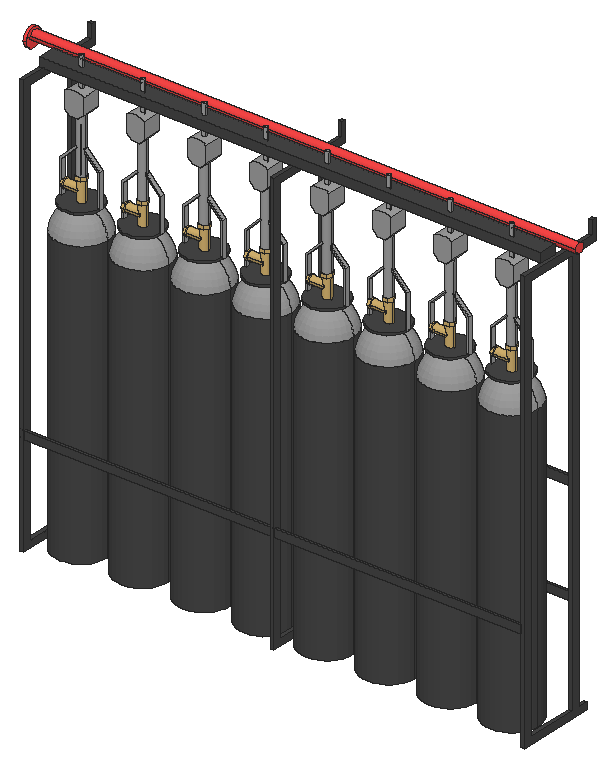
Revit family "Batería de cilindros con pesaje continuo de 80l en simple fila CO2_Aguilera Extincion", category Equipos especializados, Revit 2017
Family settings
  Anfitrión = Suelo
  Cota de conector redondo = Radio de uso
  Tipo de pieza = Normal
  Número OmniClass = 23.65.20.14.24
  Título OmniClass = Other Gas Storage Vessels
  Siempre vertical = Sí
  Corte con vacíos al cargar = No
  Compartido = No
  Punto de cálculo de habitación = No
Parameters (values of type "Batería 8 cilindros CO2 con pesaje continuo - 80 l")
  URL = "https://aguilera.es/?productos=baterias-con-botellas-en-una-fila-y-pesaje-continuo-co2"
  Símbolo texto = yes
  Símbolo = yes
  Rc2 = Radio colector * 2  # 50.8 mm
  Radio colector = Diámetro colector / 2  # 25.4 mm
  R = Diámetro / 2  # 133.5 mm
  Número soportes = 3
  Número de cilindros = 8
  Modelo = "AEX/SBP880"
  Lt1 = Lt * 0.9  # 2732.4 mm
  Lt = 3036 mm
  Lh = Lherraje / (Número soportes - 1)  # 1385 mm
  Lci = D2 + 40 mm  # 380 mm
  Lherraje = 2770 mm
  Lc = 340 mm  # constant formula
  Ht = Hc + Diámetro colector  # 2387.8 mm
  Hd = 1600 mm  # constant formula
  H2 = Hc / 2  # 1168.5 mm
  H1 = Hc / 4  # 584.25 mm
  Fabricante = "Aguilera Extinción"  # constant formula
  Diámetro colector = 50.8 mm
  Descripción = "Batería de alta presión formada por cilindros de 80L de capacidad cada uno. Fabricados en acero tratado térmicamente, sin soldadura (según instrucción MIE AP7 de aparatos a presión y Directiva Europea 84/525/CEE). Presión de trabajo 42 bar. Presión de prueba 250 bar, temperatura de servicio de -20ºC a +50ºC. Grabados y pintados en color rojo (RAL 3002). Equipados con válvula principal con apertura neumática a través del cabezal, válvulas antirretorno, latiguillos para el accionamiento neumático de disparo y latiguillos de descarga. Ensamblados en bastidor metálico especial para pesaje continuo, colector de descarga con brida de acoplamiento a la instalación y válvula de descompresión.\r\n\r\nEl peso de cada cilindro se controla individualmente por un equipo analógico patentado Mod. AEX/CPC. Unidad programable que detecta la perdida de peso desde 200 gramos formada básicamente por: célula electrónica, microprocesador y display digital que refleja el peso permanentemente. Se suministra con tensor, que permite elevar el cilindro fácilmente, conectores con latiguillos montados para su conexión y resto de complementos."  # constant formula
  Diámetro = 267 mm
  Hc = 2337 mm  # constant formula
  D2 = 340 mm  # constant formula
  Comentarios de tipo = "Observaciones:\r\n\r\nA. Hasta 9 cilindros, el disparo neumático de la batería se realiza convirtiendo a uno de los cilindros en cilindro piloto, para lo cual, se dota a su válvula con solenoide de disparo automático y palanca para el disparo manual.\r\nB. A partir de 10 cilindros, las baterías van equipadas con un botellín piloto de disparo que está formado por: un cilindro de 5L cargado con CO2, provisto con sistema de pesaje continuo, válvula principal de 1”, solenoide a 24V para el disparo automático y palanca para el disparo manual.\r\nC. El importe de los sistemas de disparo, descritos en el punto A y B, han sido incluidos en los precios de las baterías."  # constant formula
  Cilindro = Cilindro autonomo CO2 con pesaje continuo_Aguilera Extincion : Cilindro autónomo CO2 con pesaje continuo - 80 l
Types (14, lengths in mm): name | Rc2 | Radio colector | Número soportes | Número de cilindros | Modelo | Lt1 | Lt | Lh | Lherraje | Ht | Diámetro colector | Cilindro
  (no name) | 50.8 | 25.4 | 3 | 8 | "AEX/SBP880" | 2732.4 | 3036 | 1385 | 2770 | 2387.8 | 50.8 | Cilindro autonomo CO2 con pesaje continuo_Aguilera Extincion : Cilindro autónomo CO2 con pesaje continuo - 80 l
  Batería 2 cilindros CO2 con pesaje continuo - 80 l | 25.4 | 12.7 | 2 | 2 | "AEX/SBP280" | 896.4 | 996 | 730 | 730 | 2362.4 | 25.4 | Cilindro autonomo CO2 con pesaje continuo_Aguilera Extincion : Cilindro autónomo CO2 con pesaje continuo - 80 l
  Batería 3 cilindros CO2 con pesaje continuo - 80 l | 31.8 | 15.9 | 2 | 3 | "AEX/SBP380" | 1202.4 | 1336 | 1070 | 1070 | 2368.8 | 31.8 | Cilindro autonomo CO2 con pesaje continuo_Aguilera Extincion : Cilindro autónomo CO2 con pesaje continuo - 80 l
  Batería 4 cilindros CO2 con pesaje continuo - 80 l | 31.8 | 15.9 | 2 | 4 | "AEX/SBP480" | 1508.4 | 1676 | 1410 | 1410 | 2368.8 | 31.8 | Cilindro autonomo CO2 con pesaje continuo_Aguilera Extincion : Cilindro autónomo CO2 con pesaje continuo - 80 l
  Batería 5 cilindros CO2 con pesaje continuo - 80 l | 31.8 | 15.9 | 2 | 5 | "AEX/SBP580" | 1814.4 | 2016 | 1750 | 1750 | 2368.8 | 31.8 | Cilindro autonomo CO2 con pesaje continuo_Aguilera Extincion : Cilindro autónomo CO2 con pesaje continuo - 80 l
  Batería 6 cilindros CO2 con pesaje continuo - 80 l | 38.1 | 19.05 | 3 | 6 | "AEX/SBP680" | 2120.4 | 2356 | 1045 | 2090 | 2375.1 | 38.1 | Cilindro autonomo CO2 con pesaje continuo_Aguilera Extincion : Cilindro autónomo CO2 con pesaje continuo - 80 l
  Batería 7 cilindros CO2 con pesaje continuo - 80 l | 50.8 | 25.4 | 2 | 7 | "AEX/SBP780" | 2426.4 | 2696 | 2430 | 2430 | 2387.8 | 50.8 | Cilindro autonomo CO2 con pesaje continuo_Aguilera Extincion : Cilindro autónomo CO2 con pesaje continuo - 80 l
  Batería 8 cilindros CO2 con pesaje continuo - 80 l | 50.8 | 25.4 | 3 | 8 | "AEX/SBP880" | 2732.4 | 3036 | 1385 | 2770 | 2387.8 | 50.8 | Cilindro autonomo CO2 con pesaje continuo_Aguilera Extincion : Cilindro autónomo CO2 con pesaje continuo - 80 l
  Batería 9 cilindros CO2 con pesaje continuo - 80 l | 50.8 | 25.4 | 4 | 9 | "AEX/SBP980" | 3041.1 | 3379 | 1033.333 | 3100 | 2387.8 | 50.8 | Cilindro autonomo CO2_Aguilera Extincion : Cilindro autónomo CO2 - 67 l
  Batería 10 cilindros CO2 con pesaje continuo - 80 l | 50.8 | 25.4 | 3 | 10 | "AEX/SBP1080" | 3347.1 | 3719 | 1725 | 3450 | 2387.8 | 50.8 | Cilindro autonomo CO2 con pesaje continuo_Aguilera Extincion : Cilindro autónomo CO2 con pesaje continuo - 80 l
  Batería 11 cilindros CO2 con pesaje continuo - 80 l | 50.8 | 25.4 | 4 | 11 | "AEX/SBP1180" | 3653.1 | 4059 | 1263.333 | 3790 | 2387.8 | 50.8 | Cilindro autonomo CO2 con pesaje continuo_Aguilera Extincion : Cilindro autónomo CO2 con pesaje continuo - 80 l
  Batería 12 cilindros CO2 con pesaje continuo - 80 l | 63.5 | 31.75 | 5 | 12 | "AEX/SBP1280" | 3959.1 | 4399 | 1032.5 | 4130 | 2400.5 | 63.5 | Cilindro autonomo CO2 con pesaje continuo_Aguilera Extincion : Cilindro autónomo CO2 con pesaje continuo - 80 l
  Batería 13 cilindros CO2 con pesaje continuo - 80 l | 63.5 | 31.75 | 5 | 13 | "AEX/SBP1380" | 4265.1 | 4739 | 1117.5 | 4470 | 2400.5 | 63.5 | Cilindro autonomo CO2 con pesaje continuo_Aguilera Extincion : Cilindro autónomo CO2 con pesaje continuo - 80 l
  Batería 14 cilindros CO2 con pesaje continuo - 80 l | 63.5 | 31.75 | 3 | 14 | "AEX/SBP1480" | 4663.8 | 5182 | 2405 | 4810 | 2400.5 | 63.5 | Cilindro autonomo CO2 con pesaje continuo_Aguilera Extincion : Cilindro autónomo CO2 con pesaje continuo - 80 l
Reference planes
  plane 1 "Centro (Frontal/Posterior)": y = 0
  plane 2: z = 0
  plane 3 "Centro (Izquierda/Derecha)": x = 0
  plane 4: y = 133.5
  plane 5: z = 584.25
  plane 6: z = 1168.5
  plane 7: z = 1395
  plane 8: z = 1533.58
  plane 9: z = 1600
  plane 10: z = 2337
  plane 11: z = 2387.8
  plane 12: x = -600
  plane 13: x = 2436
  plane 14: y = 153.5
  plane 15: x = -410
  plane 16: y = 124
  plane 17: z = 2367.8
Forms (mm)
  Extrusion 1, solid, material "Acero rojo"
    sketch origin (0, 0, 0) x (0, 1, 0) y (0, 0, 1)
      loop
        circle (124, 2362.4) r 25.4
    from -600 to 2436
  Extrusion 2, solid, material "Acero rojo"
    sketch origin (0, 0, 0) x (0, 1, 0) y (0, 0, 1)
      loop
        circle (124, 2346.1) r 50.8
    from -600 to -582.73
  Extrusion 3, solid, material "Acero negro", detail levels medium+fine
    sketch origin (-410, -6000, 2490.948) x (0, 0, 1) y (0, -1, 0)
      loop
        line (-1362.382, -6174.484) -> (-1362.382, -6186) -> (-1309.787, -6186) -> (-1309.787, -6174.484) -> (-1362.382, -6174.484)
      loop
        line (-1927.675, -6172.815) -> (-1927.675, -6186) -> (-1885.81, -6186) -> (-1885.81, -6172.815) -> (-1927.675, -6172.815)
      loop
        line (-1930.779, -5814) -> (-1930.779, -5824) -> (-1885.779, -5824) -> (-1885.779, -5814) -> (-1930.779, -5814)
    from 0 to 2770 <- "Lherraje"
  Extrusion 4, solid, material "Acero negro", detail levels medium+fine
    sketch origin (-410, -6000, 2490.948) x (0, 0, 1) y (0, -1, 0)
      loop
        line (-153.948, -5950.468) -> (-153.948, -6049.532) -> (-103.148, -6049.532) -> (-103.148, -5950.468) -> (-153.948, -5950.468)
    from 0 to 2770 <- "Lherraje"
Dimensions and locks
  "H1": plane 5 to plane 2
  "H2": plane 6 to plane 2
  "Hd": plane 9 to plane 2
  "Hc": plane 10 to plane 2
  locked: plane 9 to plane 8 at 66.42
  locked: plane 9 to plane 7 at 205
  "R": plane 1 "Centro (Frontal/Posterior)" to plane 4
  "Lt": plane 13 to plane 12
  "Ht": plane 11 to plane 2
  locked: plane 11 to plane 17 at 20
  "Ht": Extrusion 1 sketch curve to plane 2
  equal spacing: group 1, group 2, group 5, group 6, group 7, group 8, group 9, group 10  (x3)
  "D2": nested 1 to nested 2
  "Lci": nested 1 to plane 12
  equal spacing: group 3, group 4, group 11  (x3)
  "Lh": nested 4 to nested 5
  locked: nested 4 to plane 16 at 180
  Extrusion 4 sketch curve to Extrusion 4 sketch curve = 99.064 mm
  locked: Extrusion 4 sketch curve to Extrusion 4 sketch curve at 99.064
  "Radio colector": radius of Extrusion 1 sketch curve
  "Rc2": radius of Extrusion 2 sketch curve
  aligned and locked: level to plane 2
  aligned and locked: Extrusion 1 to plane 12
  aligned and locked: plane 13 to Extrusion 1
  aligned and locked: Extrusion 2 to plane 12
  aligned and locked: plane 15 to Extrusion 3
  aligned and locked: Extrusion 4 sketch curve to plane 10
  aligned and locked: plane 11 to Extrusion 4 sketch curve
Automatic sketch dimensions
  Extrusion 3 sketch curve to plane 5 = 24.081 mm
  Extrusion 3 sketch curve to plane 5 = 20.977 mm
  plane 5 to Extrusion 3 sketch curve = 20.888 mm
  plane 5 to Extrusion 3 sketch curve = 20.919 mm
  Extrusion 3 sketch curve to plane 6 = 39.934 mm
  plane 6 to Extrusion 3 sketch curve = 12.661 mm
  plane 14 to Extrusion 3 sketch curve = 32.5 mm  (x2)
  Extrusion 3 sketch curve to Extrusion 3 sketch curve = 11.516 mm
  Extrusion 3 sketch curve to Extrusion 3 sketch curve = 13.185 mm
  plane 1 "Centro (Frontal/Posterior)" to Extrusion 3 sketch curve = 176 mm
  Extrusion 3 sketch curve to Extrusion 3 sketch curve = 10 mm
  Extrusion 1 sketch curve to plane 16 = 0 mm
  Extrusion 2 sketch curve to plane 16 = 0 mm
  plane 10 to Extrusion 2 sketch curve = 9.1 mm
Nested families
  nested 1: "Cilindro autonomo CO2 con pesaje continuo_Aguilera Extincion" at (-220, 0, 0), type <- "Cilindro", type "Cilindro autónomo CO2 con pesaje continuo - 80 l"
    with Soporte individual no
  nested 2: "Cilindro autonomo CO2 con pesaje continuo_Aguilera Extincion" at (120, 0, 0), type <- "Cilindro", type "Cilindro autónomo CO2 con pesaje continuo - 80 l"
    with Soporte individual no
  nested 3: "S_Cilindros_Aguilera Extinción" at (0, 0, 0), visible <- "Símbolo", type "S_Cilindros_Aguilera Extinción", detail levels coarse
  nested 4: "Soporte suelo - pesaje" at (-410, 0, 0), type "Soporte suelo - pesaje", detail levels medium+fine
    with L1 490 mm, Ht 2337 mm, D 292 mm
  nested 5: "Soporte suelo - pesaje" at (975, 0, 0), type "Soporte suelo - pesaje", detail levels medium+fine
    with L1 490 mm, Ht 2337 mm, D 292 mm
  nested 6: "Cilindro autonomo CO2 con pesaje continuo_Aguilera Extincion" at (460, 0, 0), type <- "Cilindro", type "Cilindro autónomo CO2 con pesaje continuo - 80 l"
    with Soporte individual no
  nested 7: "Cilindro autonomo CO2 con pesaje continuo_Aguilera Extincion" at (800, 0, 0), type <- "Cilindro", type "Cilindro autónomo CO2 con pesaje continuo - 80 l"
    with Soporte individual no
  nested 8: "Cilindro autonomo CO2 con pesaje continuo_Aguilera Extincion" at (1140, 0, 0), type <- "Cilindro", type "Cilindro autónomo CO2 con pesaje continuo - 80 l"
    with Soporte individual no
  nested 9: "Cilindro autonomo CO2 con pesaje continuo_Aguilera Extincion" at (1480, 0, 0), type <- "Cilindro", type "Cilindro autónomo CO2 con pesaje continuo - 80 l"
    with Soporte individual no
  nested 10: "Cilindro autonomo CO2 con pesaje continuo_Aguilera Extincion" at (1820, 0, 0), type <- "Cilindro", type "Cilindro autónomo CO2 con pesaje continuo - 80 l"
    with Soporte individual no
  nested 11: "Cilindro autonomo CO2 con pesaje continuo_Aguilera Extincion" at (2160, 0, 0), type <- "Cilindro", type "Cilindro autónomo CO2 con pesaje continuo - 80 l"
    with Soporte individual no
  nested 12: "Soporte suelo - pesaje" at (2360, 0, 0), type "Soporte suelo - pesaje", detail levels medium+fine
    with L1 490 mm, Ht 2337 mm, D 292 mm
Connectors
  piping at (-600, 124, 2362.4), diameter 50.8, driven by "Radio colector"
    settings: on Extrusion 1, index 1, connector inside diameter 609.6 mm, connector length 0 mm, flow factor 0, pipe flow 0.0 L/s, pressure drop 0.0 Pa, fitting loss kfactor 0, connector angle 0.00°, fixture units 0, engagement length 0 mm, angle of deflection 0.00°, flow configuration 0, flow direction 0, fitting loss method 0, system type 28, joint type 0, gender type 0, connector reference index -1, connector utility 0, adjustable connector no, is connector primary yes, connector description ""
Definition of nested family "Cilindro autonomo CO2 con pesaje continuo_Aguilera Extincion"
  Parameters (values of type "Cilindro autónomo CO2 con pesaje continuo - 80 l")
    URL = "https://aguilera.es/?productos=botellas-autonomas-de-4-7-a-80-l-con-pesaje-continuo-para-co2"
    Símbolo texto = yes
    Símbolo = yes
    R3 = R2 * 0.2  # 21.9 mm
    R2 = R * 0.75  # 109.5 mm
    R = Diámetro / 2  # 146 mm
    Model = "AEX/SBP180"
    L2 = 440 mm
    L1 = Diámetro * 1.75  # 511 mm
    Ht = 2337 mm
    Soporte individual = yes
    Hd = 1777 mm
    Hc2 = Hb / 2  # 913.5 mm
    Hc1 = Hb / 4  # 456.75 mm
    Ht1 = Ht - 40 mm  # 2297 mm
    Manufacturer = "Aguilera Extinción"  # constant formula
    Description = "Cilindro de alta presión, fabricado en acero aleado tratado térmicamente sin soldadura, (según instrucción MIE AP7 de aparatos a presión y Directiva Europea 84/525/CEE). Presión de trabajo 60 bar, presión de prueba 250 bar, temperatura de servicio de -20ºC a +50ºC. Grabados y pintados según normativa."  # constant formula
    Diámetro = 292 mm
    Hb = 1827 mm
    D2 = Diámetro + 70 mm  # 362 mm
    Type Comments = "Equipados con:\r\n\r\nVálvula principal AE-100 de 1” fabricada en latón forjado con pistón y eje de acero inoxidable. Provista con disco de seguridad y válvula de alivio para evitar el disparo en caso de pequeñas fugas.\r\nTubo sifón.\r\nSolenoide de disparo (alimentación 24V y 500mA de consumo)\r\nBrida.\r\nCaperuzo protector.\r\nEquipo microprocesado de pesaje continuo, donde el peso de cada cilindro se controla individualmente por un equipo analógico Mod. AEX/CPC. Unidad programable que detecta la perdida de peso desde 200 gramos formada básicamente por célula electrónica, microprocesador y display digital que refleja el peso permanentemente. Se suministra con tensor, que permite elevar la botella fácilmente, conectores con latiguillos montados para su conexión y resto de complementos.\r\nEnsamblados en bastidor metálico especial para pesaje continuo y colector de descarga con rosca de acoplamiento a la instalación.\r\nObservaciones:\r\n\r\nCada cilindro dispone de los correspondientes certificados emitidos por la Consejería de Industria y se encuentra a disposición de los clientes en nuestros archivos."  # constant formula
  Types (5, lengths in mm): name | R3 | R2 | R | Model | L2 | L1 | Ht | Soporte individual | Hd | Hc2 | Hc1 | Ht1 | Diámetro | Hb | D2
    Cilindro autónomo CO2 con pesaje continuo - 6.7 l | 9.75 | 48.75 | 65 | "AEX/SBP16" | 410 | 227.5 | 1117 | no | 700 | 375 | 187.5 | 1077 | 130 | 750 | 200
    Cilindro autónomo CO2 con pesaje continuo - 13.4 l | 14.85 | 74.25 | 99 | "AEX/SBP113" | 410 | 346.5 | 1637 | no | 1100 | 575 | 287.5 | 1597 | 198 | 1150 | 268
    Cilindro autónomo CO2 con pesaje continuo - 26.8 l | 19.125 | 95.625 | 127.5 | "AEX/SBP126" | 410 | 446.25 | 1407 | no | 1000 | 525 | 262.5 | 1367 | 255 | 1050 | 325
    Cilindro autónomo CO2 con pesaje continuo - 67 l | 21.9 | 109.5 | 146 | "AEX/SBP167" | 440 | 511 | 2057 | no | 1600 | 825 | 412.5 | 2017 | 292 | 1650 | 362
    Cilindro autónomo CO2 con pesaje continuo - 80 l | 21.9 | 109.5 | 146 | "AEX/SBP180" | 440 | 511 | 2337 | yes | 1777 | 913.5 | 456.75 | 2297 | 292 | 1827 | 362
  Reference planes
    plane 1 "Centro (Frontal/Posterior)": y = 0
    plane 2: z = 0
    plane 3 "Centro (Izquierda/Derecha)": x = 0
    plane 4: z = 456.75
    plane 5: z = 913.5
    plane 6: z = 1572
    plane 7: z = 1710.58
    plane 8: z = 1777
    plane 9: z = 1827
    plane 10: x = -146
    plane 11: x = 146
    plane 12: z = 2337
    plane 13: x = -220
    plane 14: x = 220
    plane 15: z = 2297
    plane 16: y = -166
    plane 17: y = -181
    plane 18: z = 933.5
    plane 19: z = 893.5
    plane 20: z = 476.75
    plane 21: z = 436.75
    plane 22: y = -141
    plane 23: x = 200
    plane 24: x = -200
    plane 25: y = 166
    plane 26: y = 181
  Forms (mm)
    Extrusion 1, solid
      sketch origin (0, 0, 0) x (1, 0, 0) y (0, 1, 0)
        loop
          circle (0, 0) r 146
      from 0 to 1572
    Extrusion 2, solid
      sketch origin (-745.59, -6000, 1710.58) x (-1, 0, 0) y (0, -1, 0)
        loop
          circle (-745.59, -6000) r 21.9
      from 0 to 116.42
    Extrusion 3, solid, detail levels fine
      sketch origin (-8.75, 0, 0) x (0, 1, 0) y (0, 0, 1)
        loop
          line (13.01, 1799.534) -> (-13.01, 1799.534) -> (-26.02, 1777) -> (-13.01, 1754.466) -> (13.01, 1754.466) -> (26.02, 1777) -> (13.01, 1799.534)
      from -76.574 to -90.75
    Extrusion 4, solid, detail levels fine
      sketch origin (-99.5, 0, 0) x (0, -1, 0) y (0, 0, 1)
        loop
          circle (0, 1777) r 21.9
      from -99.5 to -14.176
    Revolve 5, solid
      sketch origin (0, 0, 0) x (1, 0, 0) y (0, 0, 1)
        loop
          line (-146, 1572) -> (0, 1572) -> (0, 1710.58) -> (-40, 1710.58)
          arc (-40, 1710.58) -> (-112.105, 1655.903) -> (-146, 1572) r 170.221
        axis (0, 1710.58) -> (0, 1572)
      angle from 0 to 360
    Extrusion 6, solid, detail levels fine
      sketch origin (-745.59, -6000, 1827) x (-1, 0, 0) y (0, -1, 0)
        loop
          line (-731.103, -6024.486) -> (-717.13, -5999.716) -> (-731.594, -5975.23) -> (-760.032, -5975.514) -> (-773.633, -5999.624) -> (-759.279, -6024.486) -> (-731.103, -6024.486)
      from 0 to 20
    Extrusion 7, solid, detail levels fine
      sketch origin (-745.59, -6000, 1710.58) x (-1, 0, 0) y (0, -1, 0)
        loop
          circle (-745.59, -5998.341) r 109.5
      from 0 to 10
    Extrusion 8, solid, visible <- "Soporte individual", detail levels medium+fine
      sketch origin (-220, -6000, 1804.934) x (0, 0, 1) y (0, -1, 0)
        loop
          line (492.066, -5964) -> (492.066, -6036) -> (532.066, -6036) -> (532.066, -5964) -> (492.066, -5964)
      from 0 to 440
    Extrusion 9, solid, visible <- "Soporte individual", detail levels medium+fine
      sketch origin (-220, 6000, 1804.934) x (0, 0, 1) y (0, -1, 0)
        loop
          line (-911.434, 6166) -> (-871.434, 6166) -> (-871.434, 6181) -> (-911.434, 6181) -> (-911.434, 6166)
      from 20 to 420
    Extrusion 10, solid, visible <- "Soporte individual", detail levels medium+fine
      sketch origin (-220, 6000, 1348.184) x (0, 0, 1) y (0, -1, 0)
        loop
          line (-911.434, 6166) -> (-871.434, 6166) -> (-871.434, 6181) -> (-911.434, 6181) -> (-911.434, 6166)
      from 20 to 420
    Extrusion 11, solid, visible <- "Soporte individual", detail levels medium+fine
      sketch origin (-220, 6185, 1804.934) x (0, 0, 1) y (0, -1, 0)
        loop
          line (-911.434, 6004) -> (-871.434, 6004) -> (-871.434, 6019) -> (-911.434, 6019) -> (-911.434, 6004)
      from 20 to 420
    Extrusion 12, solid, visible <- "Soporte individual", detail levels medium+fine
      sketch origin (-220, 6185, 1348.184) x (0, 0, 1) y (0, -1, 0)
        loop
          line (-911.434, 6004) -> (-871.434, 6004) -> (-871.434, 6019) -> (-911.434, 6019) -> (-911.434, 6004)
      from 20 to 420
    Extrusion 13, solid, detail levels fine
      sketch origin (0, 0, 0) x (1, 0, 0) y (0, 0, 1)
        loop
          line (-109.5, 1710.58) -> (-99.5, 1710.58) -> (-99.5, 1896.44) -> (0, 1995.94) -> (99.5, 1896.44) -> (99.5, 1710.58) -> (109.5, 1710.58) -> (109.5, 1900.598) -> (0, 2010.089) -> (-109.5, 1900.58) -> (-109.5, 1710.58)
      from -10 to 10
    Revolve 14, solid, detail levels fine
      sketch origin (0, 0, 0) x (1, 0, 0) y (0, 0, 1)
        loop
          line (-0.458, 1847) -> (-0.458, 2151.932) -> (-22.358, 2151.932) -> (-22.358, 1847) -> (-0.458, 1847)
        axis (0, 1847) -> (0, 2151.932)
      angle from 0 to 360
    Extrusion 15, solid, detail levels fine
      sketch origin (0, 0, 0) x (1, 0, 0) y (0, 0, 1)
        loop
          line (-22.358, 2151.932) -> (22.358, 2151.932) -> (50.643, 2180.216) -> (50.643, 2270.216)
          arc (50.643, 2270.216) -> (0, 2284.288) -> (-50.643, 2270.216) r 98.162
          line (-50.643, 2270.216) -> (-50.643, 2180.216) -> (-22.358, 2151.932)
      from -50 to 50
    Revolve 16, solid, detail levels fine
      sketch origin (0, 0, 0) x (1, 0, 0) y (0, 0, 1)
        loop
          line (0, 2212.562) -> (0, 2443) -> (-10, 2443) -> (-10, 2212.562) -> (0, 2212.562)
        axis (0, 2212.562) -> (0, 2443)
      angle from 0 to 360
  Lines and regions (mm)
    symbolic lines
      curve 1: line (0, 240, 0) -> (0, 247, 0)
      curve 2: line (-25, 287, 0) -> (25, 287, 0)
      curve 3: circle (0, 287, 0) r 15 normal (0, 0, 1)
  Dimensions and locks
    "Hc1": plane 4 to plane 2
    "Hc2": plane 5 to plane 2
    "Hd": plane 8 to plane 2
    "Hb": plane 9 to plane 2
    equal spacing: plane 10, plane 3 "Centro (Izquierda/Derecha)", plane 11
    "Diámetro": plane 10 to plane 11
    locked: plane 8 to plane 7 at 66.42
    locked: plane 8 to plane 6 at 205
    "Ht": plane 12 to plane 2
    equal spacing: plane 14, plane 3 "Centro (Izquierda/Derecha)", plane 13
    "L2": plane 14 to plane 13
    locked: plane 12 to plane 15 at 40
    locked: plane 17 to plane 16 at 15
    equal spacing: Extrusion 8 sketch curve, plane 1 "Centro (Frontal/Posterior)", Extrusion 8 sketch curve
    equal spacing: plane 18, plane 5, plane 19
    equal spacing: plane 20, plane 4, plane 21
    locked: plane 18 to plane 19 at 40
    locked: plane 20 to plane 21 at 40
    locked: plane 17 to plane 22 at 40
    locked: plane 23 to plane 14 at 20
    locked: plane 13 to plane 24 at 20
    locked: plane 26 to plane 25 at 15
    "D2": plane 26 to plane 17
    equal spacing: plane 26, plane 1 "Centro (Frontal/Posterior)", plane 17
    Extrusion 8 sketch curve to Extrusion 8 sketch curve = 72 mm
    locked: Extrusion 13 sketch curve to Extrusion 13 sketch curve at 10  (x2)
    "R2": Extrusion 13 sketch curve to plane 3 "Centro (Izquierda/Derecha)"
    "R3": Revolve 14 sketch curve to Revolve 14 sketch curve
    locked: Revolve 16 sketch curve to Extrusion 8 at 106
    "Diámetro": diameter of Extrusion 1 sketch curve
    "R2": radius of Extrusion 7 sketch curve
    "R3": radius of Extrusion 2 sketch curve
    "R3": radius of Extrusion 4 sketch curve
    aligned and locked: level to plane 2
    aligned and locked: plane 6 to Extrusion 1
    aligned and locked: plane 9 to Extrusion 2
    aligned and locked: Extrusion 2 to plane 7
    aligned and locked: plane 3 "Centro (Izquierda/Derecha)" to Extrusion 4
    aligned and locked: Revolve 5 sketch curve to plane 3 "Centro (Izquierda/Derecha)"  (x2)
    aligned and locked: Revolve 5 sketch curve to plane 6
    aligned and locked: plane 7 to Revolve 5 sketch curve
    aligned and locked: Extrusion 8 sketch curve to plane 15
    aligned and locked: plane 12 to Extrusion 8 sketch curve
    aligned and locked: plane 14 to Extrusion 8
    aligned and locked: plane 18 to Extrusion 9
    aligned and locked: plane 19 to Extrusion 9
    aligned and locked: plane 23 to nested 3
    aligned and locked: nested 3 to Extrusion 9
    aligned and locked: Extrusion 9 to Extrusion 10
    aligned and locked: plane 13 to nested 2
    aligned and locked: plane 23 to Extrusion 9
    aligned and locked: Extrusion 9 to nested 2
    aligned and locked: Extrusion 10 to Extrusion 9
    aligned and locked: Extrusion 10 to nested 2
    aligned and locked: Extrusion 11 to Extrusion 12
    aligned and locked: Extrusion 12 to Extrusion 11
    aligned and locked: Extrusion 11 to nested 2
    aligned and locked: Extrusion 11 to plane 25
    aligned and locked: plane 26 to Extrusion 11
    aligned and locked: Extrusion 9 to Extrusion 11
    aligned and locked: Extrusion 12 to nested 2
    aligned and locked: Extrusion 12 to plane 25
    aligned and locked: plane 26 to Extrusion 12
    aligned and locked: nested 3 to Extrusion 12
    aligned and locked: Extrusion 13 sketch curve to Extrusion 7
    aligned and locked: Extrusion 13 sketch curve to plane 7
    aligned and locked: plane 7 to Extrusion 13 sketch curve
    aligned and locked: Extrusion 6 to Revolve 14 sketch curve
    aligned and locked: plane 3 "Centro (Izquierda/Derecha)" to Revolve 14 sketch curve
    aligned and locked: Extrusion 3 to Extrusion 13
    aligned and locked: Extrusion 3 to Extrusion 4
    aligned and locked: Extrusion 15 sketch curve to Revolve 14
    aligned and locked: Revolve 16 sketch curve to plane 3 "Centro (Izquierda/Derecha)"
    aligned and locked: plane 3 "Centro (Izquierda/Derecha)" to Revolve 16 sketch curve
  Automatic sketch dimensions
    Extrusion 3 sketch curve to plane 8 = 0 mm  (x2)
    plane 1 "Centro (Frontal/Posterior)" to Extrusion 3 sketch curve = 26.02 mm
    plane 1 "Centro (Frontal/Posterior)" to Extrusion 3 sketch curve = 13.01 mm  (x2)
    Extrusion 3 sketch curve to plane 1 "Centro (Frontal/Posterior)" = 13.01 mm  (x2)
    Extrusion 3 sketch curve to Extrusion 3 sketch curve = 13.01 mm
    Extrusion 3 sketch curve to plane 8 = 22.534 mm
    plane 8 to Extrusion 3 sketch curve = 22.534 mm
    Extrusion 10 sketch curve to plane 17 = 0 mm
    plane 21 to Extrusion 10 sketch curve = 0 mm
    Extrusion 10 sketch curve to plane 16 = 0 mm
    Extrusion 10 sketch curve to plane 20 = 0 mm
    curve 1 to plane 3 "Centro (Izquierda/Derecha)" = 0 mm
    curve 3 to plane 3 "Centro (Izquierda/Derecha)" = 0 mm
    plane 26 to curve 3 = 106 mm
    curve 2 to plane 3 "Centro (Izquierda/Derecha)" = 25 mm
    plane 3 "Centro (Izquierda/Derecha)" to curve 2 = 25 mm
    curve 3 to curve 2 = 0 mm
    curve 1 to curve 3 = 40 mm
    curve 1 to curve 1 = 7 mm
    plane 1 "Centro (Frontal/Posterior)" to Extrusion 6 sketch curve = 0.376 mm
    plane 3 "Centro (Izquierda/Derecha)" to Extrusion 6 sketch curve = 28.043 mm
    plane 3 "Centro (Izquierda/Derecha)" to Extrusion 6 sketch curve = 14.443 mm
    plane 3 "Centro (Izquierda/Derecha)" to Extrusion 6 sketch curve = 13.689 mm
    Extrusion 6 sketch curve to plane 3 "Centro (Izquierda/Derecha)" = 13.995 mm
    Extrusion 6 sketch curve to plane 3 "Centro (Izquierda/Derecha)" = 14.487 mm
    plane 1 "Centro (Frontal/Posterior)" to Extrusion 6 sketch curve = 0.284 mm
    Extrusion 6 sketch curve to Extrusion 6 sketch curve = 13.973 mm
    Extrusion 6 sketch curve to plane 1 "Centro (Frontal/Posterior)" = 24.486 mm
    plane 1 "Centro (Frontal/Posterior)" to Extrusion 6 sketch curve = 24.486 mm
    plane 1 "Centro (Frontal/Posterior)" to Extrusion 6 sketch curve = 24.77 mm
    Extrusion 9 sketch curve to plane 17 = 0 mm
    plane 19 to Extrusion 9 sketch curve = 0 mm
    Extrusion 9 sketch curve to plane 16 = 0 mm
    Extrusion 9 sketch curve to plane 18 = 0 mm
    plane 19 to Extrusion 11 sketch curve = 0 mm
    Extrusion 11 sketch curve to plane 18 = 0 mm
    Extrusion 11 sketch curve to plane 26 = 0 mm
    Extrusion 11 sketch curve to plane 25 = 0 mm
    plane 21 to Extrusion 12 sketch curve = 0 mm
    Extrusion 12 sketch curve to plane 20 = 0 mm
    Extrusion 12 sketch curve to plane 26 = 0 mm
    Extrusion 12 sketch curve to plane 25 = 0 mm
    Extrusion 15 sketch curve to plane 3 "Centro (Izquierda/Derecha)" = 0 mm
    Extrusion 15 sketch curve to plane 3 "Centro (Izquierda/Derecha)" = 22.358 mm
    Extrusion 15 sketch curve to Extrusion 15 sketch curve = 28.284 mm  (x4)
    plane 3 "Centro (Izquierda/Derecha)" to Extrusion 15 sketch curve = 22.358 mm
    Extrusion 15 sketch curve to Extrusion 15 sketch curve = 34.194 mm
    Extrusion 15 sketch curve to Extrusion 15 sketch curve = 90 mm
    Revolve 16 sketch curve to plane 3 "Centro (Izquierda/Derecha)" = 10 mm
    Revolve 16 sketch curve to plane 15 = 84.438 mm
    Revolve 16 sketch curve to Revolve 16 sketch curve = 78.622 mm
    Revolve 16 sketch curve to Revolve 16 sketch curve = 230.94 mm
    plane 1 "Centro (Frontal/Posterior)" to Extrusion 1 sketch curve = 0 mm
    Extrusion 1 sketch curve to plane 3 "Centro (Izquierda/Derecha)" = 0 mm
    plane 1 "Centro (Frontal/Posterior)" to Extrusion 2 sketch curve = 0 mm
    Extrusion 2 sketch curve to plane 3 "Centro (Izquierda/Derecha)" = 0 mm
    Extrusion 4 sketch curve to Extrusion 3 = 22.534 mm  (x2)
    plane 10 to Revolve 5 sketch curve = 0 mm
    Revolve 5 sketch curve to plane 3 "Centro (Izquierda/Derecha)" = 40 mm
    Revolve 5 sketch curve to plane 6 = 19.514 mm
    Revolve 5 sketch curve to Revolve 5 sketch curve = 1.762 mm
    plane 9 to Revolve 5 sketch curve = 47 mm
    Extrusion 7 sketch curve to plane 3 "Centro (Izquierda/Derecha)" = 0 mm
    plane 1 "Centro (Frontal/Posterior)" to Extrusion 7 sketch curve = 1.659 mm
    Extrusion 13 sketch curve to plane 3 "Centro (Izquierda/Derecha)" = 0 mm  (x2)
    plane 9 to Extrusion 13 sketch curve = 69.44 mm  (x2)
    Extrusion 13 sketch curve to Extrusion 13 sketch curve = 4.139 mm
    Extrusion 13 sketch curve to Extrusion 13 sketch curve = 4.157 mm
    Revolve 14 sketch curve to plane 3 "Centro (Izquierda/Derecha)" = 0.458 mm
    Revolve 14 sketch curve to plane 15 = 145.068 mm
    plane 9 to Revolve 14 sketch curve = 10 mm
    Revolve 14 sketch curve to plane 15 = 52 mm
    radius of curve 3 = 15 mm
  Nested families
    nested 1: "S_Cilindro_Aguilera Extinción" at (0, 0, 0), visible <- "Símbolo", type "S_Cilindro_Aguilera Extinción", detail levels coarse
    nested 2: "Soporte suelo - pesaje" at (-220, 0, 0), visible <- "Soporte individual", type "Soporte suelo - pesaje", detail levels medium+fine
      with L1 511 mm, Ht 2297 mm, D 292 mm
    nested 3: "Soporte suelo - pesaje" at (200, 0, 0), visible <- "Soporte individual", type "Soporte suelo - pesaje", detail levels medium+fine
      with L1 511 mm, Ht 2297 mm, D 292 mm
  Definition of nested family "Soporte suelo - pesaje"
    Parameters (values of type "Soporte suelo - pesaje")
      L1 = 227.5 mm
      Ht = 1117 mm
      D = 130 mm
    Reference planes
      plane 1 "Centro (Frontal/Posterior)": y = 0
      plane 2: z = 0
      plane 3 "Centro (Izquierda/Derecha)": x = 0
      plane 4: z = 1117
      plane 5: y = -65
      plane 6: y = -105
      plane 7: z = 1077
      plane 8: z = 40
      plane 9: y = 105
      plane 10: y = 65
      plane 11: y = 122.5
      plane 12: y = 113.75
    Forms (mm)
      Extrusion 1, solid, detail levels medium+fine
        sketch origin (0, 0, 0) x (0, 1, 0) y (0, 0, 1)
          loop
            line (113.75, 0) -> (113.75, 40) -> (105, 40) -> (105, 1077) -> (122.5, 1077) -> (122.5, 1192) -> (102.5, 1192) -> (102.5, 1117) -> (-105, 1117) -> (-105, 0) -> (113.75, 0)
          loop
            line (65, 40) -> (65, 1077) -> (-65, 1077) -> (-65, 40) -> (65, 40)
        from 0 to 20
    Lines and regions (mm)
      symbolic lines
        curve 1: line (0, 142.5, 0) -> (0, 102.5, 0)
        curve 2: line (-25, 122.5, 0) -> (25, 122.5, 0)
        curve 3: circle (0, 122.5, 0) r 15 normal (0, 0, 1)
    Dimensions and locks
      "Ht": plane 4 to plane 2
      locked: plane 8 to plane 2 at 40
      locked: plane 4 to plane 7 at 40
      "D": plane 10 to plane 5
      locked: plane 9 to plane 10 at 40
      locked: plane 5 to plane 6 at 40
      equal spacing: plane 10, plane 1 "Centro (Frontal/Posterior)", plane 5
      "L1": plane 11 to plane 6
      equal spacing: plane 11, plane 12, plane 9
      aligned and locked: level to plane 2
      aligned and locked: level to Extrusion 1 sketch curve
      aligned and locked: Extrusion 1 sketch curve to plane 6
      aligned and locked: Extrusion 1 sketch curve to plane 4
      aligned and locked: Extrusion 1 sketch curve to plane 8  (x2)
      aligned and locked: plane 5 to Extrusion 1 sketch curve
      aligned and locked: plane 7 to Extrusion 1 sketch curve
      aligned and locked: Extrusion 1 sketch curve to plane 10
      aligned and locked: Extrusion 1 sketch curve to plane 9
      aligned and locked: Extrusion 1 sketch curve to plane 7
      aligned and locked: Extrusion 1 sketch curve to plane 11
      aligned and locked: plane 12 to Extrusion 1 sketch curve
    Automatic sketch dimensions
      curve 2 to plane 1 "Centro (Frontal/Posterior)" = 122.5 mm
      curve 3 to plane 1 "Centro (Frontal/Posterior)" = 122.5 mm
      curve 3 to plane 3 "Centro (Izquierda/Derecha)" = 0 mm
      curve 1 to curve 3 = 0 mm
      curve 2 to curve 3 = 25 mm
      curve 3 to curve 2 = 25 mm
      curve 1 to plane 1 "Centro (Frontal/Posterior)" = 102.5 mm
      curve 1 to plane 1 "Centro (Frontal/Posterior)" = 142.5 mm
      plane 11 to Extrusion 1 sketch curve = 20 mm
      plane 4 to Extrusion 1 sketch curve = 75 mm
      radius of curve 3 = 15 mm
  Definition of nested family "S_Cilindro_Aguilera Extinción"
    Parameters (values of type "S_Cilindro_Aguilera Extinción")
      Texto símbolo = "Cilindros"
      Texto modelo = yes
      Modelo = "Cilindros"
    Reference planes
      plane 1: y = 0
      plane 2: x = 0
    Lines and regions (mm)
      detail lines
        curve 1: line (-1.703, -1.659, 0) -> (1.659, -1.659, 0)
        curve 2: line (-1.703, 1.659, 0) -> (-1.703, -1.659, 0)
        curve 3: line (1.659, 1.659, 0) -> (-1.703, 1.659, 0)
        curve 4: line (1.659, -1.659, 0) -> (1.659, 1.659, 0)
        curve 5: circle (0, 0, 0) r 1.659 normal (0, 0, 1)
    Text (mm)
      label "Texto símbolo" at (-0.164, 3.111, 0), shows "Texto símbolo"
      label "Modelo" at (-0.164, -2.652, 0), shows "Modelo", visible <- "Texto modelo"
Definition of nested family "Soporte suelo - pesaje"
  Parameters (values of type "Soporte suelo - pesaje")
    L1 = 227.5 mm
    Ht = 1117 mm
    D = 130 mm
  Reference planes
    plane 1 "Centro (Frontal/Posterior)": y = 0
    plane 2: z = 0
    plane 3 "Centro (Izquierda/Derecha)": x = 0
    plane 4: z = 1117
    plane 5: y = -65
    plane 6: y = -105
    plane 7: z = 1077
    plane 8: z = 40
    plane 9: y = 105
    plane 10: y = 65
    plane 11: y = 122.5
    plane 12: y = 113.75
  Forms (mm)
    Extrusion 1, solid, detail levels medium+fine
      sketch origin (0, 0, 0) x (0, 1, 0) y (0, 0, 1)
        loop
          line (113.75, 0) -> (113.75, 40) -> (105, 40) -> (105, 1077) -> (122.5, 1077) -> (122.5, 1192) -> (102.5, 1192) -> (102.5, 1117) -> (-105, 1117) -> (-105, 0) -> (113.75, 0)
        loop
          line (65, 40) -> (65, 1077) -> (-65, 1077) -> (-65, 40) -> (65, 40)
      from 0 to 20
  Lines and regions (mm)
    symbolic lines
      curve 1: line (0, 142.5, 0) -> (0, 102.5, 0)
      curve 2: line (-25, 122.5, 0) -> (25, 122.5, 0)
      curve 3: circle (0, 122.5, 0) r 15 normal (0, 0, 1)
  Dimensions and locks
    "Ht": plane 4 to plane 2
    locked: plane 8 to plane 2 at 40
    locked: plane 4 to plane 7 at 40
    "D": plane 10 to plane 5
    locked: plane 9 to plane 10 at 40
    locked: plane 5 to plane 6 at 40
    equal spacing: plane 10, plane 1 "Centro (Frontal/Posterior)", plane 5
    "L1": plane 11 to plane 6
    equal spacing: plane 11, plane 12, plane 9
    aligned and locked: level to plane 2
    aligned and locked: level to Extrusion 1 sketch curve
    aligned and locked: Extrusion 1 sketch curve to plane 6
    aligned and locked: Extrusion 1 sketch curve to plane 4
    aligned and locked: Extrusion 1 sketch curve to plane 8  (x2)
    aligned and locked: plane 5 to Extrusion 1 sketch curve
    aligned and locked: plane 7 to Extrusion 1 sketch curve
    aligned and locked: Extrusion 1 sketch curve to plane 10
    aligned and locked: Extrusion 1 sketch curve to plane 9
    aligned and locked: Extrusion 1 sketch curve to plane 7
    aligned and locked: Extrusion 1 sketch curve to plane 11
    aligned and locked: plane 12 to Extrusion 1 sketch curve
  Automatic sketch dimensions
    curve 2 to plane 1 "Centro (Frontal/Posterior)" = 122.5 mm
    curve 3 to plane 1 "Centro (Frontal/Posterior)" = 122.5 mm
    curve 3 to plane 3 "Centro (Izquierda/Derecha)" = 0 mm
    curve 1 to curve 3 = 0 mm
    curve 2 to curve 3 = 25 mm
    curve 3 to curve 2 = 25 mm
    curve 1 to plane 1 "Centro (Frontal/Posterior)" = 102.5 mm
    curve 1 to plane 1 "Centro (Frontal/Posterior)" = 142.5 mm
    plane 11 to Extrusion 1 sketch curve = 20 mm
    plane 4 to Extrusion 1 sketch curve = 75 mm
    radius of curve 3 = 15 mm
Definition of nested family "S_Cilindros_Aguilera Extinción"
  Parameters (values of type "S_Cilindros_Aguilera Extinción")
    Texto símbolo = "Cilindros"
    Texto modelo = yes
    Modelo = "Cilindros"
  Reference planes
    plane 1: y = 0
    plane 2: x = 0
  Lines and regions (mm)
    detail lines
      curve 1: line (-6.666, -1.659, 0) -> (6.654, -1.659, 0)
      curve 2: line (-6.666, 1.659, 0) -> (-6.666, -1.659, 0)
      curve 3: line (6.654, 1.659, 0) -> (-6.666, 1.659, 0)
      curve 4: line (6.654, -1.659, 0) -> (6.654, 1.659, 0)
      curve 5: circle (-4.976, 0, 0) r 1.659 normal (0, 0, 1)
      curve 6: circle (-1.659, 0, 0) r 1.659 normal (0, 0, 1)
      curve 7: circle (1.659, 0, 0) r 1.659 normal (0, 0, 1)
      curve 8: circle (4.976, 0, 0) r 1.659 normal (0, 0, 1)
  Text (mm)
    label "Texto símbolo" at (-0.164, 3.111, 0), shows "Texto símbolo"
    label "Modelo" at (-0.164, -2.652, 0), shows "Modelo", visible <- "Texto modelo"
